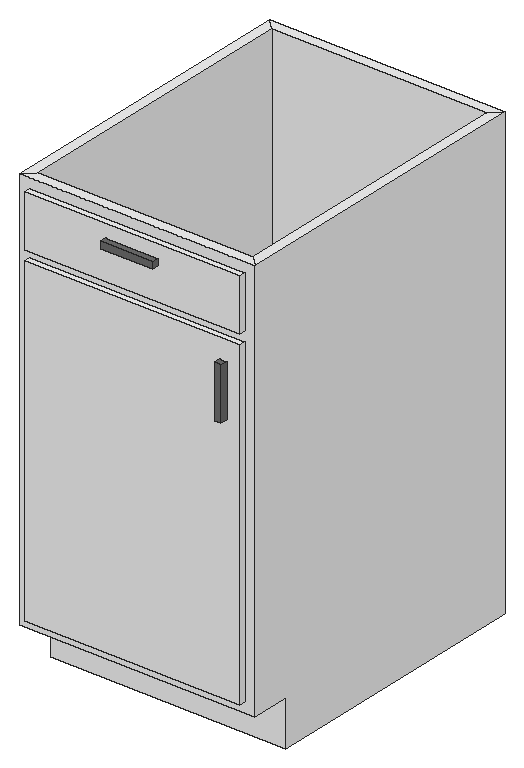
Revit family "c88319b1732c4d13b126ea3448d190d4", category Casework, Revit 2021
Family settings
  OmniClass Number = 23.40.35.17.47.11
  OmniClass Title = Kitchen Casework
  Seek Item ID = Base Cabinet-Single Door & Drawer-0000-USA-ENU
  Work Plane-Based = No
  Always vertical = Yes
  Cut with Voids When Loaded = No
  Shared = No
  Room Calculation Point = No
Parameters (values of type "18"")
  Default Elevation = 0' - 0"
  Assembly Code = "C1030410"
  Cabinet Material = none
  Depth = 2' - 0"
  Drawer Material = none
  Handle Material = Cabinets - Handles
  Height = 2' - 10 1/2"
  Toe Depth = 0' - 3"
  Toe Height = 0' - 3 1/2"
  Width = 1' - 6"
Types (6): name | Width
  (no name) | 1' - 6"
  24" | 2' - 0"
  18" | 1' - 6"
  12" | 1' - 0"
  15"' | 1' - 3"
  21" | 1' - 9"
Reference planes (in)
  plane 1 "Back": y = 0
  plane 2: z = 0
  plane 3 "Center": x = 0.7377
  plane 4 "Left": x = -8.2623
  plane 5 "Right": x = 9.7377
  plane 6 "Front": y = -24
  plane 7 "Top": z = 34.5
  plane 8: y = -21
  plane 9: z = 3.5
  plane 10: z = 33.75
  plane 11: z = 4.25
  plane 12: x = -7.5123
  plane 13: x = 8.9877
  plane 14: z = 27.5
  plane 15: z = 23.5
  plane 16: x = 7.9877
  plane 17: x = 7.4877
  plane 18: z = 29.75
  plane 19: z = 29
Forms (in)
  Extrusion 1, solid, material <- "Cabinet Material"
    sketch origin (0, 0, 0) x (1, 0, 0) y (0, 1, 0)
      loop
        line (-8.2623, 0) -> (-8.2623, -21) -> (9.7377, -21) -> (9.7377, 0) -> (-8.2623, 0)
    from 0 to 3.5
  Sweep 2, solid, material <- "Cabinet Material"
    path origin (0, 0, 0) x (1, 0, 0) y (0, 1, 0)
      loop
        line (9.7377, 0) -> (-8.2623, 0) -> (-8.2623, -24) -> (9.7377, -24) -> (9.7377, 0)
    profile origin (0, -12, 0) x (1, 0, 0) y (0, 0, 1)
      loop
        line (9.7377, 3.5) -> (9.7377, 34.5) -> (8.9877, 34.5) -> (8.9877, 3.5) -> (9.7377, 3.5)
  Extrusion 3, solid, material "Cabinets"
    sketch origin (0, 0, 0) x (1, 0, 0) y (0, 1, 0)
      loop
        line (-7.5123, -0.75) -> (-7.5123, -23.25) -> (8.9877, -23.25) -> (8.9877, -0.75) -> (-7.5123, -0.75)
    from 4.25 to 3.5
  Extrusion 4, solid, material <- "Drawer Material"
    sketch origin (0, -24, 0) x (1, 0, 0) y (0, 0, 1)
      loop
        line (-7.5123, 29) -> (-7.5123, 4.25) -> (8.9877, 4.25) -> (8.9877, 29) -> (-7.5123, 29)
      loop
        line (-7.5123, 33.75) -> (-7.5123, 29.75) -> (8.9877, 29.75) -> (8.9877, 33.75) -> (-7.5123, 33.75)
    from 0 to 0.5
  Extrusion 5, solid, material "Cabinets - Handles" <- "Handle Material"
    sketch origin (0, -24, 0) x (1, 0, 0) y (0, 0, 1)
      loop
        line (7.4877, 27.5) -> (7.4877, 23.5) -> (7.9877, 23.5) -> (7.9877, 27.5) -> (7.4877, 27.5)
      loop
        line (-1.2623, 32.75) -> (-1.2623, 32.25) -> (2.7377, 32.25) -> (2.7377, 32.75) -> (-1.2623, 32.75)
    from 0.5 to 1
Cuts and joins
  joined: Extrusion 1, Sweep 2
Lines and regions (in)
  Masking region 1
    outline origin (0, 0, 0) x (1, 0, 0) y (0, 1, 0)
      loop
        line (-8.2623, 0) -> (-8.2623, -24) -> (9.7377, -24) -> (9.7377, 0) -> (-8.2623, 0)
  model lines, style "InvisibleLines"
    curve 1: line (-7.5123, -24, 16.625) -> (-8.2623, -24, 16.625)
  symbolic lines, style "Elevation Swing"
    curve 2: line (8.9877, 0, 29) -> (-7.5123, 0, 16.625)
    curve 3: line (8.9877, 0, 4.25) -> (-7.5123, 0, 16.625)
Dimensions and locks (in)
  "Depth": plane 6 "Front" to plane 1 "Back"
  "Width": plane 4 "Left" to plane 5 "Right"
  equal spacing: plane 4 "Left", plane 3 "Center", plane 5 "Right"
  "Height": level to plane 7 "Top"
  "Toe Height": plane 2 to plane 9
  "Toe Depth": plane 6 "Front" to plane 8
  locked: plane 4 "Left" to plane 12 at 0.75
  locked: plane 13 to plane 5 "Right" at 0.75
  locked: plane 7 "Top" to plane 10 at 0.75
  locked: plane 11 to plane 9 at 0.75
  locked: plane 14 to plane 15 at 4
  plane 17 to plane 16 to plane 13 = 0' - 0 1/2" locked, 0' - 1" locked
  locked: plane 10 to plane 18 at 4
  locked: plane 18 to plane 19 at 0.75
  locked: plane 19 to plane 14 at 1.5
  plane 10 to Extrusion 5 sketch curve to Extrusion 5 sketch curve = 0' - 1", 0' - 0 1/2"
  Extrusion 5 sketch curve to plane 3 "Center" to Extrusion 5 sketch curve = 0' - 2" locked, 0' - 2" locked
  equal spacing: plane 19, curve 1, plane 11
  aligned and locked: plane 1 "Back" to Extrusion 1 sketch curve
  aligned and locked: Extrusion 1 sketch curve to plane 5 "Right"
  aligned and locked: Extrusion 1 sketch curve to plane 8
  aligned and locked: plane 4 "Left" to Extrusion 1 sketch curve
  aligned and locked: Extrusion 1 to level
  aligned and locked: Sweep 2 sketch curve to plane 6 "Front"
  aligned and locked: plane 1 "Back" to Sweep 2 sketch curve
  aligned and locked: Sweep 2 sketch curve to plane 5 "Right"  (x2)
  aligned and locked: plane 4 "Left" to Sweep 2 sketch curve
  aligned and locked: plane 7 "Top" to Sweep 2 sketch curve
  aligned and locked: Sweep 2 sketch curve to plane 9
  aligned and locked: Sweep 2 to Extrusion 3 sketch curve  (x2)
  aligned and locked: Extrusion 3 sketch curve to Sweep 2  (x2)
  aligned and locked: plane 11 to Extrusion 3
  aligned and locked: plane 9 to Extrusion 3
  aligned and locked: Extrusion 1 to plane 9
  aligned and locked: plane 19 to Extrusion 4 sketch curve
  aligned and locked: plane 18 to Extrusion 4 sketch curve
  aligned and locked: plane 13 to Extrusion 4 sketch curve
  aligned and locked: plane 1 "Back" to Masking region 1 sketch curve
  aligned and locked: Masking region 1 sketch curve to plane 5 "Right"
  aligned and locked: plane 4 "Left" to Masking region 1 sketch curve
  aligned and locked: Masking region 1 sketch curve to plane 6 "Front"
Automatic sketch dimensions
  profile plane to Sweep 2 sketch curve = 0' - 0 3/4"
  Extrusion 4 sketch curve to plane 12 = 0' - 0"  (x2)
  Extrusion 4 sketch curve to plane 11 = 0' - 0"
  Extrusion 4 sketch curve to plane 13 = 0' - 0"
  Extrusion 5 sketch curve to plane 14 = 0' - 0"
  Extrusion 5 sketch curve to plane 17 = 0' - 0"
  Extrusion 5 sketch curve to plane 15 = 0' - 0"
  Extrusion 5 sketch curve to plane 16 = 0' - 0"
  Extrusion 4 sketch curve to plane 10 = 0' - 0"
  curve 2 to plane 13 = 0' - 0"
  curve 3 to plane 11 = 0' - 0"
  curve 3 to plane 13 = 0' - 0"
  curve 2 to plane 12 = 0' - 0"
  curve 1 to plane 12 = 0' - 0"
  curve 1 to plane 4 "Left" = 0' - 0"
  curve 2 to plane 19 = 0' - 0"
  curve 2 to curve 1 = 0' - 0"
